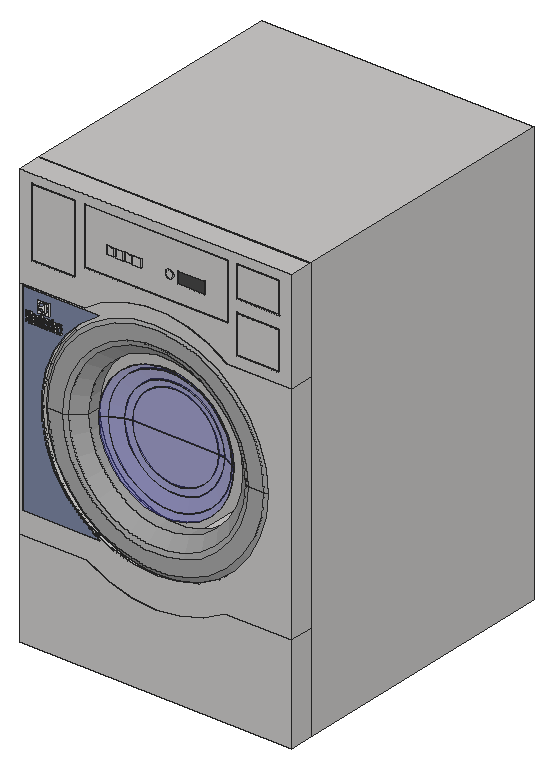
Revit family "QF_ELECTROLUXPROFESSIONAL_1LSNA3_TE1220E", category Specialty Equipment, Revit 2014
Parameters
  Width = 686 mm
  Height = 850 mm
  Depth = 822 mm
Reference planes
  plane 1 "Center (Front/Back)": y = 0
  plane 2: z = 0
  plane 3 "Center (Left/Right)": x = 0
  plane 4 "LEFT": x = -343
  plane 5 "RIGHT": x = 343
  plane 6 "BACK": y = 411
  plane 7 "FRONT": y = -411
  plane 8 "voidPanel": through (0, -279.09, 846.678) normal (0, -0.9308, 0.3656)
  plane 9 "TOP": z = 1098
  plane 10: y = -966
  plane 11 "GasX": x = 260.5
  plane 12 "GASz": z = 52.3
Forms (mm)
  Extrusion 1, solid, material "QF_Finishes_Stainless Steel"
    sketch origin (0, 0, 0) x (1, 0, 0) y (0, 1, 0)
      loop
        line (-343, 354) -> (-343, -351.316) -> (343, -351.316) -> (343, 354) -> (-343, 354)
    from 25 to 1098
  Extrusion 2, void
    sketch origin (0, -411, 110) x (0, 0, 1) y (-1, 0, 0)
      loop
        circle (470, 0) r 242.757
    from 0 to -726.106
  Revolve 3, solid, material "QF_Finishes_Gray"
    sketch origin (0, 0, 580) x (-1, 0, 0) y (0, -1, 0)
      loop
        line (300.448, 346.297) -> (300.448, 393.936) -> (272.916, 411) -> (235.246, 411) -> (223.534, 406.93) -> (195.25, 378.646) -> (195.25, 346.297) -> (300.448, 346.297)
      axis (0, 346.297) -> (0, 411)
    angle from 0 to 360
  Revolve 4, solid, material "Glass"
    sketch origin (0, 0, 580) x (-1, 0, 0) y (0, -1, 0)
      loop
        line (156.034, 365.621) -> (125.785, 351.316)
        arc (125.785, 351.316) -> (117.42, 348.976) -> (108.77, 348.187) r 47.824
        line (108.77, 348.187) -> (0, 348.187) -> (0, 346.187) -> (108.77, 346.187)
        arc (108.77, 346.187) -> (117.82, 347.016) -> (126.57, 349.475) r 49.824
        line (126.57, 349.475) -> (156.889, 363.813)
        arc (156.889, 363.813) -> (164.396, 368.582) -> (170.5, 375.051) r 35.892
        line (170.5, 375.051) -> (170.5, 378.646)
        arc (170.5, 378.646) -> (164.222, 371.072) -> (156.034, 365.621) r 33.892
      axis (0, 346.187) -> (0, 378.646)
    angle from 0 to 360
  Extrusion 5, void
    sketch origin (0, 0, 470) x (-1, 0, 0) y (0, -1, 0)
      loop
        line (333, -329) -> (333, 336.297) -> (-333, 336.297) -> (-333, -329) -> (333, -329)
    from -434.1 to 430
  Extrusion 6, solid, material "QF_Finishes_Rubber Black"
    sketch origin (25, 0, 0) x (1, 0, 0) y (0, 1, 0)
      loop
        circle (-308, 313.6) r 20
    from 0 to 10
  Extrusion 7, solid, material "QF_Finishes_Stainless Steel"
    sketch origin (25, 0, 0) x (1, 0, 0) y (0, 1, 0)
      loop
        circle (-308, 313.6) r 11
    from 10 to 25
  Extrusion 8, solid, material "QF_Finishes_Rubber Black"
    sketch origin (25, 0, 0) x (1, 0, 0) y (0, 1, 0)
      loop
        circle (-308, -309.8) r 20
    from 0 to 10
  Extrusion 9, solid, material "QF_Finishes_Stainless Steel"
    sketch origin (25, 0, 0) x (1, 0, 0) y (0, 1, 0)
      loop
        circle (-308, -309.8) r 11
    from 10 to 25
  Revolve 10, solid, material "QF_Door-Drawer Clearances", detail levels coarse
    sketch origin (0, -392.108, 110) x (-1, 0, 0) y (0, 0, 1)
      loop
        circle (-1.368, 470) r 285
      axis (287.524, 470) -> (287.524, 469)
    angle from 0 to 90
  Extrusion 11, solid, material "QF_Finishes_Rubber Black"
    sketch origin (-25, 0, 0) x (-1, 0, 0) y (0, -1, 0)
      loop
        circle (-308, -313.6) r 20
    from 0 to 10
  Extrusion 12, solid, material "QF_Finishes_Stainless Steel"
    sketch origin (-25, 0, 0) x (-1, 0, 0) y (0, -1, 0)
      loop
        circle (-308, -313.6) r 11
    from 10 to 25
  Extrusion 13, solid, material "QF_Finishes_Rubber Black"
    sketch origin (-25, 0, 0) x (-1, 0, 0) y (0, -1, 0)
      loop
        circle (-308, 309.8) r 20
    from 0 to 10
  Extrusion 14, solid, material "QF_Finishes_Stainless Steel"
    sketch origin (-25, 0, 0) x (-1, 0, 0) y (0, -1, 0)
      loop
        circle (-308, 309.8) r 11
    from 10 to 25
  Extrusion 15, solid, material "QF_Finishes_Stainless Steel"
    sketch origin (0, -411, 0) x (0, 0, 1) y (-1, 0, 0)
      loop
        line (25, 343) -> (25, -343) -> (270, -343) -> (270, -175)
        arc (270, -175) -> (219.436, 0) -> (270, 175) r 328.118
        line (270, 175) -> (270, 343) -> (25, 343)
    from 0 to -60
  Extrusion 16, solid, material "QF_Finishes_Stainless Steel"
    sketch origin (0, -411, 0) x (0, 0, 1) y (-1, 0, 0)
      loop
        line (840, -343) -> (1098, -343) -> (1098, 343) -> (840, 343) -> (840, 180)
        arc (840, 180) -> (900, 0) -> (840, -180) r 300
        line (840, -180) -> (840, -343)
    from 0 to -60
  Extrusion 17, solid, material "QF_Finishes_Stainless Steel"
    sketch origin (0, -411, 0) x (0, 0, 1) y (-1, 0, 0)
      loop
        line (840, 343) -> (270, 343) -> (270, 175)
        arc (270, 175) -> (219.436, 0) -> (270, -175) r 328.118
        line (270, -175) -> (270, -343) -> (840, -343) -> (840, -180)
        arc (840, -180) -> (900, 0) -> (840, 180) r 300
        line (840, 180) -> (840, 343)
      loop
        circle (580, 0) r 285
    from 0 to -60
  Extrusion 18, void
    sketch origin (0, -411, 0) x (0, 0, 1) y (-1, 0, 0)
      loop
        line (1076.011, 312.853) -> (900, 312.853) -> (900, 202.056) -> (1076.011, 202.056) -> (1076.011, 312.853)
      loop
        line (1076.011, 180.558) -> (931.011, 180.558) -> (931.011, -184.442) -> (1076.011, -184.442) -> (1076.011, 180.558)
      loop
        line (966.011, -204.442) -> (866.011, -204.442) -> (866.011, -314.442) -> (966.011, -314.442) -> (966.011, -204.442)
      loop
        line (996.011, -204.442) -> (996.011, -314.442) -> (1076.011, -314.442) -> (1076.011, -204.442) -> (996.011, -204.442)
    from 0 to -13.46
  Extrusion 19, solid, material "QF_Finishes_Stainless Steel"
    sketch origin (0, -411, 0) x (0, 0, 1) y (-1, 0, 0)
      loop
        line (1073.011, 205.056) -> (1073.011, 309.853) -> (903, 309.853) -> (903, 205.056) -> (1073.011, 205.056)
      loop
        line (934.011, 177.558) -> (934.011, -181.442) -> (1073.011, -181.442) -> (1073.011, 177.558) -> (934.011, 177.558)
      loop
        line (1073.011, -311.442) -> (1073.011, -207.442) -> (999.011, -207.442) -> (999.011, -311.442) -> (1073.011, -311.442)
      loop
        line (963.011, -311.442) -> (963.011, -207.442) -> (869.011, -207.442) -> (869.011, -311.442) -> (963.011, -311.442)
      loop
        line (982.148, 123.504) -> (982.148, 103.504) -> (1002.148, 103.504) -> (1002.148, 123.504) -> (982.148, 123.504)
      loop
        line (1002.148, 100.812) -> (982.148, 100.812) -> (982.148, 80.808) -> (1002.148, 80.808) -> (1002.148, 100.812)
      loop
        line (1002.148, 78.12) -> (982.148, 78.12) -> (982.148, 58.116) -> (1002.148, 58.116) -> (1002.148, 78.12)
      loop
        line (1002.148, 55.428) -> (982.148, 55.428) -> (982.148, 35.424) -> (1002.148, 35.424) -> (1002.148, 55.428)
      loop
        circle (992.148, -34.859) r 10
      loop
        line (977.148, -124.859) -> (1007.148, -124.859) -> (1007.148, -54.859) -> (977.148, -54.859) -> (977.148, -124.859)
    from 0.5 to -13.46
  Extrusion 20, solid, material "QF_Finishes_Stainless Steel"
    sketch origin (0, -411, 0) x (0, 0, 1) y (-1, 0, 0)
      loop
        line (1002.148, 123.504) -> (982.148, 123.504) -> (982.148, 103.504) -> (1002.148, 103.504) -> (1002.148, 123.504)
      loop
        line (1002.148, 100.812) -> (982.148, 100.812) -> (982.148, 80.808) -> (1002.148, 80.808) -> (1002.148, 100.812)
      loop
        line (1002.148, 78.12) -> (982.148, 78.12) -> (982.148, 58.116) -> (1002.148, 58.116) -> (1002.148, 78.12)
      loop
        line (1002.148, 55.428) -> (982.148, 55.428) -> (982.148, 35.424) -> (1002.148, 35.424) -> (1002.148, 55.428)
    from 2 to -13.46
  Extrusion 21, solid, material "QF_Finishes_Stainless Steel"
    sketch origin (0, -411, 0) x (0, 0, 1) y (-1, 0, 0)
      loop
        circle (992.148, -34.859) r 10
    from 1 to -13.46
  Extrusion 22, solid, material "QF_Finishes_Black"
    sketch origin (0, -411, 0) x (0, 0, 1) y (-1, 0, 0)
      loop
        line (1007.148, -54.859) -> (977.148, -54.859) -> (977.148, -124.859) -> (1007.148, -124.859) -> (1007.148, -54.859)
    from 0 to -13.46
  Extrusion 23, solid, material "QF_Finishes_Stainless Steel"
    sketch origin (2.1, 411, -6.2) x (0, 0, 1) y (-1, 0, 0)
      loop
        circle (91, -25) r 51
    from 50.43 to 57
  Blend 24, solid, material "QF_Finishes_Stainless Steel"
    base sketch origin (0, 411, 0) x (0, 0, 1) y (-1, 0, 0)
      loop
        line (112.093, -134.606) -> (112.093, -219.975)
        arc (112.093, -219.975) -> (136.989, -280.08) -> (197.093, -304.975) r 85
        line (197.093, -304.975) -> (735.296, -304.975) -> (764.372, -304.975) -> (800, -304.975)
        arc (800, -304.975) -> (860.104, -280.08) -> (885, -219.975) r 85
        line (885, -219.975) -> (885, 223.558)
        arc (885, 223.558) -> (860.104, 283.663) -> (800, 308.558) r 85
        line (800, 308.558) -> (764.372, 308.558) -> (736.45, 308.558) -> (330, 308.558)
        arc (330, 308.558) -> (287.574, 290.985) -> (270, 248.558) r 60
        line (270, 248.558) -> (270, 113.511)
        arc (270, 113.511) -> (265.698, 88.475) -> (253.286, 66.312) r 75
        line (253.286, 66.312) -> (128.807, -87.407)
        arc (128.807, -87.407) -> (116.395, -109.571) -> (112.093, -134.606) r 75
    top sketch origin (0, 411, 0) x (0, 0, 1) y (-1, 0, 0)
      loop
        line (736.45, 258.558) -> (330, 258.558)
        arc (330, 258.558) -> (322.929, 255.63) -> (320, 248.558) r 10
        line (320, 248.558) -> (320, 95.805)
        arc (320, 95.805) -> (315.698, 70.769) -> (303.286, 48.606) r 75
        line (303.286, 48.606) -> (178.807, -105.113)
        arc (178.807, -105.113) -> (166.395, -127.277) -> (162.093, -152.312) r 75
        line (162.093, -152.312) -> (162.093, -219.975)
        arc (162.093, -219.975) -> (172.344, -244.724) -> (197.093, -254.975) r 35
        line (197.093, -254.975) -> (735.296, -254.975)
        arc (735.296, -254.975) -> (745.955, -271.27) -> (764.372, -277.589) r 30
        line (764.372, -277.589) -> (819.372, -277.589)
        arc (819.372, -277.589) -> (840.585, -268.802) -> (849.372, -247.589) r 30
        line (849.372, -247.589) -> (849.372, 247.589)
        arc (849.372, 247.589) -> (840.585, 268.802) -> (819.372, 277.589) r 30
        line (819.372, 277.589) -> (764.372, 277.589)
        arc (764.372, 277.589) -> (747.477, 272.379) -> (736.45, 258.558) r 30
    from 57 to 0
  Extrusion 25, void
    sketch origin (0, 411, 0) x (0, 0, 1) y (-1, 0, 0)
      loop
        line (839.372, -242.589) -> (839.372, 246.505)
        arc (839.372, 246.505) -> (833.514, 260.647) -> (819.372, 266.505) r 20
        line (819.372, 266.505) -> (760.142, 266.505)
        arc (760.142, 266.505) -> (746, 260.647) -> (740.142, 246.505) r 20
        line (740.142, 246.505) -> (740.142, -248.744)
        arc (740.142, -248.744) -> (749.024, -262.323) -> (764.372, -267.589) r 25
        line (764.372, -267.589) -> (814.372, -267.589)
        arc (814.372, -267.589) -> (832.05, -260.266) -> (839.372, -242.589) r 25
    from 0 to 8.2
  Extrusion 26, solid, material "QF_Finishes_Stainless Steel"
    sketch origin (0, 411, 0) x (0, 0, 1) y (-1, 0, 0)
      loop
        circle (810, 209.295) r 5
    from 0 to 8.186
  Extrusion 27, solid, material "QF_Finishes_White"
    sketch origin (-20, -411, 75) x (0, 0, 1) y (-1, 0, 0)
      loop
        spline (696.669, 303.458) -> (696.678, 303.666) -> (696.706, 303.887) -> (696.758, 304.116) -> (696.837, 304.347) -> (696.945, 304.574) -> (697.088, 304.79) -> (697.268, 304.989) -> (697.488, 305.166) -> (697.753, 305.314) -> (698.065, 305.428) -> (698.428, 305.5) -> (698.845, 305.526)
        line (698.845, 305.526) -> (700.697, 305.526) -> (700.697, 299.411) -> (703.059, 299.411) -> (703.059, 305.527) -> (706.497, 305.527) -> (706.497, 299.022) -> (708.852, 299.022) -> (708.852, 308.029) -> (698.952, 308.029)
        spline (698.952, 308.029) -> (698.343, 308.007) -> (697.77, 307.939) -> (697.233, 307.824) -> (696.734, 307.66) -> (696.277, 307.447) -> (695.863, 307.184) -> (695.493, 306.868) -> (695.17, 306.498) -> (694.896, 306.074) -> (694.673, 305.594) -> (694.502, 305.057) -> (694.386, 304.461)
        line (694.386, 304.461) -> (694.316, 303.478) -> (694.316, 298.848) -> (696.669, 298.848) -> (696.669, 303.458)
      loop
        line (701.983, 297.069) -> (694.312, 297.069) -> (694.312, 294.566) -> (708.856, 294.566) -> (708.856, 297.069) -> (701.983, 297.069)
      loop
        spline (699.838, 282.168) -> (700.563, 282.21) -> (701.258, 282.336) -> (701.916, 282.541) -> (702.532, 282.822) -> (703.097, 283.176) -> (703.608, 283.598) -> (704.057, 284.086) -> (704.438, 284.636) -> (704.745, 285.245) -> (704.972, 285.908) -> (705.113, 286.623) -> (705.162, 287.387)
        spline (705.162, 287.387) -> (705.116, 288.166) -> (704.983, 288.907) -> (704.765, 289.603) -> (704.465, 290.249) -> (704.088, 290.84) -> (703.636, 291.37) -> (703.112, 291.834) -> (702.521, 292.225) -> (701.865, 292.539) -> (701.148, 292.77) -> (700.373, 292.913) -> (699.544, 292.962)
        spline (699.544, 292.962) -> (698.735, 292.915) -> (697.979, 292.776) -> (697.278, 292.55) -> (696.637, 292.242) -> (696.059, 291.855) -> (695.547, 291.394) -> (695.105, 290.864) -> (694.735, 290.268) -> (694.442, 289.612) -> (694.228, 288.9) -> (694.097, 288.135) -> (694.053, 287.323)
        spline (694.053, 287.323) -> (694.063, 286.928) -> (694.092, 286.536) -> (694.144, 286.149) -> (694.221, 285.766) -> (694.323, 285.389) -> (694.454, 285.016) -> (694.615, 284.647) -> (694.808, 284.284) -> (695.035, 283.925) -> (695.297, 283.572) -> (695.598, 283.224) -> (695.939, 282.88)
        line (695.939, 282.88) -> (697.407, 284.389)
        spline (697.407, 284.389) -> (697.215, 284.588) -> (697.04, 284.788) -> (696.881, 284.991) -> (696.738, 285.198) -> (696.611, 285.412) -> (696.5, 285.634) -> (696.406, 285.866) -> (696.329, 286.109) -> (696.269, 286.367) -> (696.226, 286.64) -> (696.2, 286.93) -> (696.191, 287.24)
        spline (696.191, 287.24) -> (696.213, 287.693) -> (696.279, 288.118) -> (696.388, 288.513) -> (696.536, 288.876) -> (696.722, 289.206) -> (696.946, 289.501) -> (697.204, 289.758) -> (697.495, 289.977) -> (697.818, 290.155) -> (698.171, 290.29) -> (698.551, 290.381) -> (698.958, 290.425)
        line (698.958, 290.425) -> (698.958, 282.21) -> (699.838, 282.168)
      loop
        spline (700.718, 284.725) -> (701.028, 284.749) -> (701.326, 284.82) -> (701.609, 284.934) -> (701.875, 285.089) -> (702.12, 285.28) -> (702.342, 285.505) -> (702.538, 285.761) -> (702.705, 286.044) -> (702.84, 286.352) -> (702.94, 286.68) -> (703.002, 287.026) -> (703.024, 287.387)
        spline (703.024, 287.387) -> (703.003, 287.773) -> (702.942, 288.145) -> (702.843, 288.5) -> (702.71, 288.833) -> (702.545, 289.143) -> (702.35, 289.425) -> (702.129, 289.676) -> (701.884, 289.894) -> (701.618, 290.074) -> (701.333, 290.215) -> (701.032, 290.312) -> (700.718, 290.363)
        line (700.718, 290.363) -> (700.718, 284.725)
      loop
        spline (699.607, 278.381) -> (700.073, 278.352) -> (700.515, 278.268) -> (700.929, 278.133) -> (701.313, 277.949) -> (701.664, 277.719) -> (701.978, 277.448) -> (702.253, 277.139) -> (702.484, 276.794) -> (702.67, 276.418) -> (702.806, 276.013) -> (702.89, 275.584) -> (702.919, 275.132)
        spline (702.919, 275.132) -> (702.91, 274.855) -> (702.884, 274.59) -> (702.842, 274.336) -> (702.783, 274.092) -> (702.708, 273.858) -> (702.618, 273.634) -> (702.512, 273.418) -> (702.391, 273.21) -> (702.256, 273.01) -> (702.106, 272.817) -> (701.943, 272.63) -> (701.766, 272.45)
        line (701.766, 272.45) -> (703.38, 270.898)
        spline (703.38, 270.898) -> (703.689, 271.207) -> (703.966, 271.525) -> (704.213, 271.852) -> (704.43, 272.187) -> (704.619, 272.531) -> (704.779, 272.882) -> (704.912, 273.24) -> (705.02, 273.606) -> (705.101, 273.978) -> (705.159, 274.357) -> (705.192, 274.742) -> (705.203, 275.132)
        spline (705.203, 275.132) -> (705.155, 275.914) -> (705.013, 276.664) -> (704.783, 277.374) -> (704.47, 278.037) -> (704.079, 278.647) -> (703.616, 279.198) -> (703.085, 279.683) -> (702.493, 280.094) -> (701.843, 280.426) -> (701.143, 280.671) -> (700.396, 280.823) -> (699.607, 280.875)
        spline (699.607, 280.875) -> (698.819, 280.823) -> (698.072, 280.671) -> (697.371, 280.426) -> (696.722, 280.094) -> (696.129, 279.683) -> (695.599, 279.198) -> (695.135, 278.647) -> (694.745, 278.037) -> (694.432, 277.374) -> (694.201, 276.664) -> (694.06, 275.914) -> (694.011, 275.132)
        spline (694.011, 275.132) -> (694.022, 274.742) -> (694.056, 274.357) -> (694.113, 273.978) -> (694.195, 273.606) -> (694.302, 273.24) -> (694.436, 272.882) -> (694.596, 272.531) -> (694.784, 272.187) -> (695.002, 271.852) -> (695.248, 271.525) -> (695.526, 271.207) -> (695.835, 270.898)
        line (695.835, 270.898) -> (697.449, 272.45)
        spline (697.449, 272.45) -> (697.272, 272.63) -> (697.108, 272.817) -> (696.959, 273.01) -> (696.824, 273.21) -> (696.703, 273.418) -> (696.597, 273.634) -> (696.507, 273.858) -> (696.432, 274.092) -> (696.373, 274.336) -> (696.33, 274.59) -> (696.304, 274.855) -> (696.296, 275.132)
        spline (696.296, 275.132) -> (696.325, 275.584) -> (696.409, 276.013) -> (696.545, 276.418) -> (696.731, 276.794) -> (696.962, 277.139) -> (697.236, 277.448) -> (697.55, 277.719) -> (697.901, 277.949) -> (698.285, 278.133) -> (698.7, 278.268) -> (699.142, 278.352) -> (699.607, 278.381)
      loop
        spline (696.665, 264.515) -> (696.662, 264.736) -> (696.678, 264.972) -> (696.719, 265.218) -> (696.789, 265.468) -> (696.89, 265.715) -> (697.028, 265.952) -> (697.206, 266.175) -> (697.429, 266.376) -> (697.7, 266.549) -> (698.024, 266.688) -> (698.404, 266.787) -> (698.845, 266.839)
        line (698.845, 266.839) -> (702.555, 266.839) -> (702.555, 264.562) -> (704.829, 264.562) -> (704.829, 266.836) -> (708.856, 266.836) -> (708.856, 269.34) -> (698.703, 269.34)
        spline (698.703, 269.34) -> (698.114, 269.286) -> (697.56, 269.189) -> (697.042, 269.048) -> (696.564, 268.861) -> (696.127, 268.627) -> (695.732, 268.345) -> (695.381, 268.014) -> (695.077, 267.632) -> (694.821, 267.2) -> (694.615, 266.714) -> (694.461, 266.175) -> (694.36, 265.581)
        line (694.36, 265.581) -> (694.312, 264.524) -> (696.665, 264.515)
      loop
        spline (704.975, 256.091) -> (705.002, 256.524) -> (704.994, 256.941) -> (704.953, 257.341) -> (704.88, 257.722) -> (704.776, 258.084) -> (704.641, 258.425) -> (704.478, 258.744) -> (704.286, 259.04) -> (704.068, 259.312) -> (703.825, 259.559) -> (703.557, 259.779) -> (703.265, 259.972)
        line (703.265, 259.972) -> (704.829, 259.972) -> (704.829, 262.455) -> (694.313, 262.455) -> (694.313, 259.972) -> (699.842, 259.972)
        spline (699.842, 259.972) -> (700.261, 259.949) -> (700.652, 259.882) -> (701.013, 259.772) -> (701.342, 259.621) -> (701.638, 259.431) -> (701.9, 259.202) -> (702.126, 258.938) -> (702.314, 258.64) -> (702.462, 258.308) -> (702.571, 257.946) -> (702.637, 257.554) -> (702.659, 257.134)
        line (702.659, 257.134) -> (702.555, 256.091) -> (704.975, 256.091)
      loop
        spline (699.57, 244.231) -> (700.342, 244.283) -> (701.077, 244.436) -> (701.77, 244.682) -> (702.415, 245.014) -> (703.007, 245.426) -> (703.538, 245.911) -> (704.003, 246.462) -> (704.398, 247.072) -> (704.714, 247.735) -> (704.948, 248.443) -> (705.092, 249.19) -> (705.142, 249.969)
        spline (705.142, 249.969) -> (705.092, 250.752) -> (704.948, 251.503) -> (704.714, 252.213) -> (704.398, 252.876) -> (704.003, 253.486) -> (703.538, 254.036) -> (703.007, 254.519) -> (702.415, 254.929) -> (701.77, 255.26) -> (701.077, 255.504) -> (700.342, 255.656) -> (699.57, 255.708)
        spline (699.57, 255.708) -> (698.799, 255.656) -> (698.064, 255.504) -> (697.371, 255.26) -> (696.726, 254.929) -> (696.135, 254.519) -> (695.604, 254.036) -> (695.138, 253.486) -> (694.744, 252.876) -> (694.427, 252.213) -> (694.193, 251.503) -> (694.049, 250.752) -> (693.999, 249.969)
        spline (693.999, 249.969) -> (694.049, 249.19) -> (694.193, 248.443) -> (694.427, 247.735) -> (694.744, 247.072) -> (695.138, 246.462) -> (695.604, 245.911) -> (696.135, 245.426) -> (696.726, 245.014) -> (697.371, 244.682) -> (698.064, 244.436) -> (698.799, 244.283) -> (699.57, 244.231)
      loop
        spline (699.57, 246.714) -> (700.026, 246.743) -> (700.46, 246.828) -> (700.869, 246.965) -> (701.251, 247.15) -> (701.601, 247.381) -> (701.916, 247.653) -> (702.192, 247.964) -> (702.426, 248.309) -> (702.614, 248.686) -> (702.752, 249.09) -> (702.838, 249.519) -> (702.868, 249.969)
        spline (702.868, 249.969) -> (702.838, 250.423) -> (702.752, 250.855) -> (702.614, 251.261) -> (702.426, 251.638) -> (702.192, 251.983) -> (701.916, 252.293) -> (701.601, 252.563) -> (701.251, 252.792) -> (700.869, 252.976) -> (700.46, 253.111) -> (700.026, 253.195) -> (699.57, 253.223)
        spline (699.57, 253.223) -> (699.116, 253.195) -> (698.682, 253.111) -> (698.272, 252.976) -> (697.89, 252.792) -> (697.54, 252.563) -> (697.226, 252.293) -> (696.95, 251.983) -> (696.716, 251.638) -> (696.528, 251.261) -> (696.389, 250.855) -> (696.303, 250.423) -> (696.273, 249.969)
        spline (696.273, 249.969) -> (696.303, 249.519) -> (696.389, 249.09) -> (696.528, 248.686) -> (696.716, 248.309) -> (696.95, 247.964) -> (697.226, 247.653) -> (697.54, 247.381) -> (697.89, 247.15) -> (698.272, 246.965) -> (698.682, 246.828) -> (699.116, 246.743) -> (699.57, 246.714)
      loop
        line (702.234, 242.691) -> (694.312, 242.691) -> (694.312, 240.186) -> (708.856, 240.186) -> (708.856, 242.691) -> (702.234, 242.691)
      loop
        line (704.829, 231.156) -> (698.716, 231.156)
        spline (698.716, 231.156) -> (698.318, 231.176) -> (697.96, 231.235) -> (697.64, 231.33) -> (697.357, 231.459) -> (697.111, 231.62) -> (696.9, 231.811) -> (696.724, 232.029) -> (696.582, 232.272) -> (696.473, 232.538) -> (696.397, 232.825) -> (696.351, 233.13) -> (696.336, 233.452)
        spline (696.336, 233.452) -> (696.351, 233.773) -> (696.397, 234.078) -> (696.473, 234.365) -> (696.581, 234.631) -> (696.723, 234.874) -> (696.897, 235.092) -> (697.106, 235.283) -> (697.351, 235.444) -> (697.631, 235.573) -> (697.947, 235.668) -> (698.301, 235.726) -> (698.694, 235.747)
        line (698.694, 235.747) -> (704.829, 235.747) -> (704.829, 238.272) -> (698.485, 238.272)
        spline (698.485, 238.272) -> (697.767, 238.227) -> (697.113, 238.097) -> (696.523, 237.888) -> (695.998, 237.607) -> (695.535, 237.259) -> (695.136, 236.85) -> (694.8, 236.387) -> (694.525, 235.876) -> (694.313, 235.323) -> (694.161, 234.733) -> (694.071, 234.115) -> (694.041, 233.472)
        spline (694.041, 233.472) -> (694.071, 232.825) -> (694.163, 232.201) -> (694.317, 231.607) -> (694.532, 231.049) -> (694.811, 230.533) -> (695.152, 230.066) -> (695.557, 229.654) -> (696.025, 229.303) -> (696.558, 229.019) -> (697.156, 228.808) -> (697.819, 228.677) -> (698.548, 228.632)
        line (698.548, 228.632) -> (704.829, 228.632) -> (704.829, 231.156)
      loop
        line (697.676, 219.158) -> (699.883, 220.737) -> (702.547, 218.782) -> (704.829, 217.107) -> (704.829, 219.84) -> (701.678, 222.115) -> (704.829, 224.41) -> (704.829, 227.123) -> (702.701, 225.567) -> (699.863, 223.492) -> (696.834, 225.667) -> (694.312, 227.477) -> (694.312, 224.786) -> (698.027, 222.115) -> (694.312, 219.444) -> (694.312, 216.752) -> (697.676, 219.158)
      loop
        line (688.447, 306.621) -> (688.447, 308.558) -> (683.42, 308.558) -> (683.42, 307.525) -> (685.123, 307.525) -> (685.123, 306.621)
        arc (685.123, 306.621) -> (686.785, 304.959) -> (688.447, 306.621) r 1.662
      loop
        line (687.497, 306.663) -> (687.497, 307.525) -> (686.073, 307.525) -> (686.073, 306.663)
        arc (686.073, 306.663) -> (686.785, 305.951) -> (687.497, 306.663) r 0.712
      loop
        line (688.447, 298.733) -> (688.447, 300.705) -> (683.42, 300.705) -> (683.42, 299.671) -> (684.882, 299.671) -> (685.151, 298.932) -> (683.42, 297.891) -> (683.42, 296.718) -> (685.405, 297.925)
        arc (685.405, 297.925) -> (685.993, 297.294) -> (686.826, 297.074) r 1.552
        arc (686.826, 297.074) -> (687.975, 297.573) -> (688.447, 298.733) r 1.659
      loop
        arc (686.094, 298.824) -> (686.762, 298.121) -> (687.497, 298.754) r 0.703
        line (687.497, 298.754) -> (687.497, 299.671) -> (686.094, 299.671) -> (686.094, 298.824)
      loop
        circle (685.933, 290.3) r 2.611
      loop
        circle (685.933, 290.3) r 1.657
      loop
        line (688.447, 283.364) -> (683.42, 283.364) -> (683.42, 282.331) -> (685.486, 282.331) -> (685.486, 280.439) -> (686.436, 280.439) -> (686.436, 282.331) -> (687.497, 282.331) -> (687.497, 280.257) -> (688.447, 280.257) -> (688.447, 283.364)
      loop
        line (688.447, 275.992) -> (685.05, 275.992)
        arc (685.05, 275.992) -> (683.898, 275.529) -> (683.42, 274.383) r 1.609
        line (683.42, 274.383) -> (683.42, 272.76) -> (684.37, 272.76) -> (684.37, 274.225) -> (684.759, 274.959) -> (685.606, 274.959) -> (685.606, 272.948) -> (686.506, 272.948) -> (686.506, 274.959) -> (687.497, 274.959) -> (687.497, 272.809) -> (688.447, 272.809) -> (688.447, 275.992)
      loop
        line (687.128, 265.998) -> (687.638, 265.255)
        arc (687.638, 265.255) -> (688.309, 265.943) -> (688.531, 266.879) r 1.8
        arc (688.531, 266.879) -> (688.406, 267.502) -> (688.091, 268.053) r 1.995
        arc (688.091, 268.053) -> (687.777, 268.314) -> (687.386, 268.431) r 1.023
        arc (687.386, 268.431) -> (686.928, 268.42) -> (686.485, 268.305) r 2.005
        arc (686.485, 268.305) -> (686.001, 267.857) -> (685.694, 267.273) r 1.948
        arc (685.694, 267.273) -> (685.475, 266.734) -> (685.196, 266.223) r 5.092
        arc (685.196, 266.223) -> (684.861, 266.023) -> (684.505, 266.181) r 0.425
        arc (684.505, 266.181) -> (684.282, 266.728) -> (684.398, 267.306) r 1.026
        arc (684.398, 267.306) -> (684.643, 267.732) -> (685.054, 267.998) r 1.044
        line (685.054, 267.998) -> (684.559, 268.788)
        arc (684.559, 268.788) -> (684.042, 268.475) -> (683.647, 268.018) r 1.934
        arc (683.647, 268.018) -> (683.399, 267.438) -> (683.336, 266.811) r 2.085
        arc (683.336, 266.811) -> (683.491, 266.036) -> (683.861, 265.338) r 2.723
        arc (683.861, 265.338) -> (684.682, 265.03) -> (685.543, 265.189) r 1.635
        arc (685.543, 265.189) -> (685.94, 265.533) -> (686.227, 265.973) r 1.896
        arc (686.227, 265.973) -> (686.475, 266.529) -> (686.689, 267.099) r 9.984
        arc (686.689, 267.099) -> (687.202, 267.429) -> (687.582, 266.952) r 0.455
        arc (687.582, 266.952) -> (687.465, 266.423) -> (687.128, 265.998) r 1.209
      loop
        line (687.128, 258.403) -> (687.638, 257.66)
        arc (687.638, 257.66) -> (688.309, 258.348) -> (688.531, 259.284) r 1.8
        arc (688.531, 259.284) -> (688.406, 259.907) -> (688.091, 260.458) r 1.995
        arc (688.091, 260.458) -> (687.777, 260.719) -> (687.386, 260.836) r 1.023
        arc (687.386, 260.836) -> (686.928, 260.825) -> (686.485, 260.71) r 2.005
        arc (686.485, 260.71) -> (686.001, 260.262) -> (685.694, 259.678) r 1.948
        arc (685.694, 259.678) -> (685.475, 259.139) -> (685.196, 258.628) r 5.092
        arc (685.196, 258.628) -> (684.861, 258.428) -> (684.505, 258.586) r 0.425
        arc (684.505, 258.586) -> (684.282, 259.133) -> (684.398, 259.711) r 1.026
        arc (684.398, 259.711) -> (684.643, 260.136) -> (685.054, 260.403) r 1.044
        line (685.054, 260.403) -> (684.559, 261.193)
        arc (684.559, 261.193) -> (684.042, 260.88) -> (683.647, 260.422) r 1.934
        arc (683.647, 260.422) -> (683.399, 259.843) -> (683.336, 259.216) r 2.085
        arc (683.336, 259.216) -> (683.491, 258.441) -> (683.861, 257.743) r 2.723
        arc (683.861, 257.743) -> (684.682, 257.434) -> (685.543, 257.594) r 1.635
        arc (685.543, 257.594) -> (685.94, 257.938) -> (686.227, 258.377) r 1.896
        arc (686.227, 258.377) -> (686.475, 258.934) -> (686.689, 259.504) r 9.984
        arc (686.689, 259.504) -> (687.202, 259.834) -> (687.582, 259.357) r 0.455
        arc (687.582, 259.357) -> (687.465, 258.828) -> (687.128, 258.403) r 1.209
      loop
        line (688.447, 253.158) -> (683.42, 253.158) -> (683.42, 252.124) -> (688.447, 252.124) -> (688.447, 253.158)
      loop
        circle (685.933, 245.154) r 1.564
      loop
        circle (685.933, 245.154) r 2.611
      loop
        line (683.42, 238.219) -> (683.42, 237.174) -> (686.581, 237.174) -> (683.42, 234.874) -> (683.42, 233.869) -> (688.447, 233.869) -> (688.447, 234.914) -> (685.19, 234.914) -> (688.447, 237.213) -> (688.447, 238.219) -> (683.42, 238.219)
      loop
        line (683.42, 228.657) -> (684.504, 228.167) -> (684.504, 226.308) -> (683.42, 225.818) -> (683.42, 224.707) -> (688.447, 227.237) -> (683.42, 229.767) -> (683.42, 228.657)
      loop
        line (686.567, 227.237) -> (685.536, 227.703) -> (685.536, 226.772) -> (686.567, 227.237)
      loop
        line (684.37, 219.572) -> (688.447, 219.572) -> (688.447, 220.606) -> (683.42, 220.606) -> (683.42, 217.639) -> (684.37, 217.639) -> (684.37, 219.572)
      loop
        arc (715.169, 259.508) -> (727.748, 250.208) -> (740.328, 259.508) r 13.158
        line (740.328, 259.508) -> (715.169, 259.508)
      loop
        line (715.169, 260.788) -> (716.991, 260.788)
        arc (716.991, 260.788) -> (724.001, 264.694) -> (727.019, 272.13) r 12.086
        line (727.019, 272.13) -> (727.019, 276.292)
        arc (727.019, 276.292) -> (717.547, 271.251) -> (715.169, 260.788) r 12.895
      loop
        line (738.506, 260.788) -> (740.651, 260.788)
        arc (740.651, 260.788) -> (738.028, 271.26) -> (728.478, 276.292) r 13.232
        line (728.478, 276.292) -> (728.478, 272.13)
        arc (728.478, 272.13) -> (731.496, 264.694) -> (738.506, 260.788) r 12.086
      loop
        line (713.796, 277.247) -> (713.796, 249.247) -> (741.758, 249.247) -> (741.758, 277.247) -> (713.796, 277.247)
    from 0 to 2
  Extrusion 28, void
    sketch origin (0, -411, 0) x (0, 0, 1) y (-1, 0, 0)
      loop
        line (834, 337) -> (326, 337) -> (326, 142.004)
        arc (326, 142.004) -> (580, 291) -> (834, 142.004) r 291
        line (834, 142.004) -> (834, 337)
    from 0 to -2
  Extrusion 29, solid, material "QF_Finishes_SugarBlue"
    sketch origin (0, -411, 0) x (0, 0, 1) y (-1, 0, 0)
      loop
        line (834, 142.004) -> (834, 337) -> (326, 337) -> (326, 142.004)
        arc (326, 142.004) -> (580, 291) -> (834, 142.004) r 291
    from 0 to -2
Cuts and joins
  Extrusion 2, Extrusion 5 cuts Extrusion 1
  Extrusion 18 cuts Extrusion 16
  Extrusion 25 cuts Blend 24
  Extrusion 28 cuts Extrusion 17
Lines and regions (mm)
  model lines
    curve 1: line (253.366, -313.716, 0) -> (253.669, -317.455, 0)
  symbolic lines, style "SpecialityEquipmentHiddenLines"
    curve 2: line (-287.524, -966, 744.475) -> (-287.524, -411, 744.475)
    curve 4: arc (-287.524, -966, 744.475) -> (112.051, -805.22, 744.475) -> (286.678, -411.5, 744.475) r 572.871
  symbolic lines
    curve 3: line (-25, 411, 84.8) -> (75, 411, 84.8)
    curve 5: line (-343, 354, 744.475) -> (343, 354, 744.475)
    curve 6: line (-343, -351, 744.475) -> (-343, 354, 744.475)
    curve 7: line (343, -351, 744.475) -> (-343, -351, 744.475)
    curve 8: line (343, 354, 744.475) -> (343, -351, 744.475)
    curve 9: line (-343, -351, 744.475) -> (-343, -411, 744.475)
    curve 10: line (-343, -411, 744.475) -> (343, -411, 744.475)
    curve 11: line (343, -411, 744.475) -> (343, -351, 744.475)
    curve 12: line (-308.558, 354, 744.475) -> (-277.589, 411, 744.475)
    curve 13: line (-277.589, 411, 744.475) -> (277.589, 411, 744.475)
    curve 14: line (277.589, 411, 744.475) -> (304.975, 354, 744.475)
Dimensions and locks
  equal spacing: plane 5 "RIGHT", plane 3 "Center (Left/Right)", plane 4 "LEFT"
  "Width": plane 5 "RIGHT" to plane 4 "LEFT"
  equal spacing: plane 7 "FRONT", plane 1 "Center (Front/Back)", plane 6 "BACK"
  "Depth": plane 7 "FRONT" to plane 6 "BACK"
  plane 7 "FRONT" to plane 6 "BACK" = 822 mm
  plane 9 "TOP" to level = 1098 mm
  plane 7 "FRONT" to plane 1 "Center (Front/Back)" to plane 6 "BACK" = 411 mm, 411 mm
  plane 4 "LEFT" to plane 5 "RIGHT" = 686 mm
  cut or joined group of Extrusion 1, Extrusion 2, Extrusion 5 to cut or joined group of Extrusion 16, Extrusion 18 = 765 mm
  plane 7 "FRONT" to plane 10 = 555 mm
  level to curve 3 = 84.8 mm
  plane 10 to plane 7 "FRONT" = 555 mm
  plane 10 to plane 6 "BACK" = 1377 mm
  plane 5 "RIGHT" to plane 11 "GasX" = 82.5 mm
  level to plane 12 "GASz" = 52.3 mm
  plane 5 "RIGHT" to Extrusion 23 = 315.9 mm
  aligned and locked: level to plane 2
Automatic sketch dimensions
  Extrusion 1 sketch curve to plane 4 "LEFT" = 0 mm
  Extrusion 1 sketch curve to plane 5 "RIGHT" = 0 mm
  Extrusion 1 sketch curve to plane 7 "FRONT" = 59.684 mm
  plane 6 "BACK" to Extrusion 1 sketch curve = 57 mm
  Extrusion 2 sketch curve to plane 3 "Center (Left/Right)" = 0 mm
  level to Extrusion 2 sketch curve = 580 mm
  Revolve 4 sketch curve to Revolve 4 sketch curve = 0 mm  (x4)
  Revolve 4 sketch curve to plane 3 "Center (Left/Right)" = 0 mm  (x2)
  Revolve 4 sketch curve to Revolve 4 sketch curve = 108.77 mm
  Revolve 4 sketch curve to Revolve 4 sketch curve = 17.015 mm
  Revolve 4 sketch curve to plane 7 "FRONT" = 61.525 mm
  Revolve 4 sketch curve to Revolve 4 sketch curve = 0.785 mm
  Revolve 4 sketch curve to plane 7 "FRONT" = 14.74 mm
  Revolve 4 sketch curve to Revolve 4 sketch curve = 32.775 mm
  Revolve 4 sketch curve to plane 7 "FRONT" = 45.379 mm
  Revolve 4 sketch curve to Revolve 4 sketch curve = 30.249 mm
  Revolve 4 sketch curve to plane 7 "FRONT" = 47.187 mm
  Revolve 4 sketch curve to Revolve 4 sketch curve = 0.855 mm
  Revolve 4 sketch curve to Revolve 4 sketch curve = 14.466 mm
  Revolve 4 sketch curve to plane 7 "FRONT" = 62.813 mm
  Revolve 4 sketch curve to Revolve 4 sketch curve = 2 mm
  Revolve 4 sketch curve to plane 6 "BACK" = 1134.072 mm
  plane 7 "FRONT" to Revolve 4 sketch curve = 1124.917 mm
  Extrusion 5 sketch curve to plane 5 "RIGHT" = 10 mm
  plane 4 "LEFT" to Extrusion 5 sketch curve = 10 mm
  plane 6 "BACK" to Extrusion 5 sketch curve = 82 mm
  Extrusion 5 sketch curve to plane 7 "FRONT" = 74.703 mm
  plane 4 "LEFT" to Extrusion 6 sketch curve = 60 mm
  plane 6 "BACK" to Extrusion 6 sketch curve = 97.4 mm
  plane 4 "LEFT" to Extrusion 7 sketch curve = 60 mm
  plane 6 "BACK" to Extrusion 7 sketch curve = 97.4 mm
  plane 4 "LEFT" to Extrusion 8 sketch curve = 60 mm
  Extrusion 8 sketch curve to plane 7 "FRONT" = 101.2 mm
  plane 4 "LEFT" to Extrusion 9 sketch curve = 60 mm
  Extrusion 9 sketch curve to plane 7 "FRONT" = 101.2 mm
  plane 3 "Center (Left/Right)" to Revolve 10 sketch curve = 1.368 mm
  level to Revolve 10 sketch curve = 580 mm
  plane 4 "LEFT" to Revolve 10 sketch curve = 55.476 mm
  Revolve 10 sketch curve to level = 194.8 mm
  plane 9 "TOP" to Revolve 10 sketch curve = 1450.4 mm
  plane 5 "RIGHT" to Extrusion 11 sketch curve = 60 mm
  Extrusion 11 sketch curve to plane 6 "BACK" = 97.4 mm
  plane 5 "RIGHT" to Extrusion 12 sketch curve = 60 mm
  Extrusion 12 sketch curve to plane 6 "BACK" = 97.4 mm
  plane 5 "RIGHT" to Extrusion 13 sketch curve = 60 mm
  plane 7 "FRONT" to Extrusion 13 sketch curve = 101.2 mm
  plane 5 "RIGHT" to Extrusion 14 sketch curve = 60 mm
  plane 7 "FRONT" to Extrusion 14 sketch curve = 101.2 mm
  Extrusion 15 sketch curve to plane 4 "LEFT" = 0 mm
  Extrusion 15 sketch curve to plane 5 "RIGHT" = 0 mm
  Extrusion 15 sketch curve to plane 3 "Center (Left/Right)" = 0 mm
  level to Extrusion 15 sketch curve = 25 mm
  level to Extrusion 15 sketch curve = 270 mm
  Extrusion 15 sketch curve to Extrusion 15 sketch curve = 277.554 mm
  Extrusion 15 sketch curve to Extrusion 15 sketch curve = 168 mm
  Extrusion 15 sketch curve to Extrusion 15 sketch curve = 245 mm
  Extrusion 16 sketch curve to plane 3 "Center (Left/Right)" = 0 mm
  Extrusion 16 sketch curve to plane 5 "RIGHT" = 0 mm
  Extrusion 16 sketch curve to plane 4 "LEFT" = 0 mm
  Extrusion 16 sketch curve to plane 9 "TOP" = 0 mm
  Extrusion 16 sketch curve to plane 9 "TOP" = 258 mm
  Extrusion 16 sketch curve to Extrusion 16 sketch curve = 240 mm
  Extrusion 16 sketch curve to plane 5 "RIGHT" = 163 mm
  Extrusion 16 sketch curve to Extrusion 16 sketch curve = 258 mm
  Extrusion 17 sketch curve to plane 4 "LEFT" = 0 mm
  Extrusion 17 sketch curve to plane 5 "RIGHT" = 0 mm
  Extrusion 17 sketch curve to plane 3 "Center (Left/Right)" = 0 mm  (x3)
  level to Extrusion 17 sketch curve = 270 mm  (x2)
  Extrusion 17 sketch curve to Extrusion 17 sketch curve = 277.554 mm
  Extrusion 17 sketch curve to Extrusion 17 sketch curve = 32.446 mm
  Extrusion 17 sketch curve to Extrusion 17 sketch curve = 20 mm
  Extrusion 17 sketch curve to plane 9 "TOP" = 258 mm  (x2)
  Extrusion 17 sketch curve to Extrusion 17 sketch curve = 163 mm
  Extrusion 17 sketch curve to Extrusion 17 sketch curve = 168 mm
  Revolve 3 sketch curve to plane 3 "Center (Left/Right)" = 0 mm
  plane 7 "FRONT" to Revolve 3 sketch curve = 0 mm
  Revolve 3 sketch curve to plane 7 "FRONT" = 64.703 mm
  plane 4 "LEFT" to Revolve 3 sketch curve = 147.75 mm
  plane 4 "LEFT" to Revolve 3 sketch curve = 70.084 mm
  Revolve 3 sketch curve to Revolve 3 sketch curve = 27.532 mm
  Revolve 3 sketch curve to Revolve 3 sketch curve = 32.349 mm
  Revolve 3 sketch curve to plane 7 "FRONT" = 17.064 mm
  Revolve 3 sketch curve to plane 7 "FRONT" = 4.07 mm
  Revolve 3 sketch curve to Revolve 3 sketch curve = 28.284 mm
  Revolve 3 sketch curve to Revolve 3 sketch curve = 11.712 mm
  Revolve 3 sketch curve to plane 6 "BACK" = 1134.072 mm
  plane 7 "FRONT" to Revolve 3 sketch curve = 1124.917 mm
  Extrusion 18 sketch curve to plane 5 "RIGHT" = 28.558 mm  (x2)
  Extrusion 18 sketch curve to plane 9 "TOP" = 231.989 mm
  plane 4 "LEFT" to Extrusion 18 sketch curve = 30.147 mm
  Extrusion 18 sketch curve to plane 9 "TOP" = 198 mm
  Extrusion 18 sketch curve to Extrusion 18 sketch curve = 65 mm
  Extrusion 18 sketch curve to Extrusion 18 sketch curve = 35 mm
  Extrusion 18 sketch curve to Extrusion 18 sketch curve = 30 mm
  Extrusion 18 sketch curve to plane 9 "TOP" = 21.989 mm  (x2)
  Extrusion 18 sketch curve to Extrusion 18 sketch curve = 0 mm  (x2)
  Extrusion 18 sketch curve to Extrusion 18 sketch curve = 110 mm
  Extrusion 18 sketch curve to Extrusion 18 sketch curve = 20 mm
  Extrusion 18 sketch curve to Extrusion 18 sketch curve = 132.295 mm
  Extrusion 18 sketch curve to Extrusion 18 sketch curve = 21.498 mm
  Extrusion 19 sketch curve to plane 5 "RIGHT" = 31.558 mm  (x2)
  Extrusion 19 sketch curve to plane 9 "TOP" = 228.989 mm
  plane 4 "LEFT" to Extrusion 19 sketch curve = 33.147 mm
  Extrusion 19 sketch curve to plane 9 "TOP" = 195 mm
  Extrusion 19 sketch curve to Extrusion 19 sketch curve = 65 mm
  Extrusion 19 sketch curve to Extrusion 19 sketch curve = 29 mm
  plane 3 "Center (Left/Right)" to Extrusion 19 sketch curve = 54.859 mm
  Extrusion 19 sketch curve to plane 9 "TOP" = 120.852 mm
  Extrusion 19 sketch curve to Extrusion 19 sketch curve = 48.138 mm
  Extrusion 19 sketch curve to Extrusion 19 sketch curve = 0 mm  (x5)
  Extrusion 19 sketch curve to Extrusion 19 sketch curve = 15 mm  (x2)
  Extrusion 19 sketch curve to Extrusion 19 sketch curve = 36 mm
  Extrusion 19 sketch curve to Extrusion 19 sketch curve = 20 mm  (x4)
  Extrusion 19 sketch curve to plane 9 "TOP" = 24.989 mm  (x3)
  Extrusion 19 sketch curve to Extrusion 19 sketch curve = 104 mm  (x2)
  Extrusion 19 sketch curve to Extrusion 19 sketch curve = 26 mm
  Extrusion 19 sketch curve to Extrusion 19 sketch curve = 70 mm
  Extrusion 19 sketch curve to plane 3 "Center (Left/Right)" = 35.424 mm
  Extrusion 19 sketch curve to Extrusion 19 sketch curve = 20.004 mm  (x3)
  Extrusion 19 sketch curve to Extrusion 19 sketch curve = 2.689 mm  (x2)
  Extrusion 19 sketch curve to Extrusion 19 sketch curve = 2.692 mm
  Extrusion 19 sketch curve to Extrusion 19 sketch curve = 54.055 mm
  Extrusion 19 sketch curve to Extrusion 19 sketch curve = 27.498 mm
  Extrusion 20 sketch curve to plane 3 "Center (Left/Right)" = 35.424 mm
  Extrusion 20 sketch curve to plane 9 "TOP" = 115.852 mm
  Extrusion 20 sketch curve to Extrusion 20 sketch curve = 0 mm  (x5)
  Extrusion 20 sketch curve to Extrusion 20 sketch curve = 20 mm  (x3)
  Extrusion 20 sketch curve to Extrusion 20 sketch curve = 20.004 mm  (x3)
  Extrusion 20 sketch curve to Extrusion 20 sketch curve = 2.689 mm  (x2)
  Extrusion 20 sketch curve to Extrusion 20 sketch curve = 2.692 mm
  plane 3 "Center (Left/Right)" to Extrusion 21 sketch curve = 34.859 mm
  Extrusion 21 sketch curve to plane 9 "TOP" = 105.852 mm
  plane 3 "Center (Left/Right)" to Extrusion 22 sketch curve = 54.859 mm
  Extrusion 22 sketch curve to plane 9 "TOP" = 120.852 mm
  Extrusion 22 sketch curve to Extrusion 22 sketch curve = 30 mm
  Extrusion 22 sketch curve to Extrusion 22 sketch curve = 70 mm
  plane 3 "Center (Left/Right)" to Extrusion 23 sketch curve = 27.1 mm
  level to Extrusion 23 sketch curve = 84.8 mm
  level to Blend 24 sketch curve = 162.093 mm
  plane 3 "Center (Left/Right)" to Blend 24 sketch curve = 105.113 mm
  Blend 24 sketch curve to Blend 24 sketch curve = 16.714 mm  (x2)
  Blend 24 sketch curve to Blend 24 sketch curve = 35 mm
  Blend 24 sketch curve to Blend 24 sketch curve = 58.286 mm  (x4)
  Blend 24 sketch curve to plane 3 "Center (Left/Right)" = 95.805 mm
  Blend 24 sketch curve to Blend 24 sketch curve = 66.193 mm
  Blend 24 sketch curve to plane 3 "Center (Left/Right)" = 48.606 mm
  Blend 24 sketch curve to Blend 24 sketch curve = 10 mm
  Blend 24 sketch curve to plane 5 "RIGHT" = 88.025 mm
  Blend 24 sketch curve to Blend 24 sketch curve = 29.076 mm  (x2)
  plane 4 "LEFT" to Blend 24 sketch curve = 95.411 mm
  Blend 24 sketch curve to plane 9 "TOP" = 333.628 mm  (x2)
  Blend 24 sketch curve to Blend 24 sketch curve = 55 mm  (x2)
  Blend 24 sketch curve to Blend 24 sketch curve = 30 mm
  Blend 24 sketch curve to plane 5 "RIGHT" = 65.411 mm
  Blend 24 sketch curve to Blend 24 sketch curve = 0 mm
  plane 4 "LEFT" to Blend 24 sketch curve = 94.442 mm  (x2)
  Blend 24 sketch curve to Blend 24 sketch curve = 27.923 mm  (x2)
  level to Blend 24 sketch curve = 112.093 mm
  plane 3 "Center (Left/Right)" to Blend 24 sketch curve = 87.407 mm
  level to Blend 24 sketch curve = 195 mm
  Blend 24 sketch curve to plane 5 "RIGHT" = 38.025 mm
  Blend 24 sketch curve to Blend 24 sketch curve = 85 mm  (x2)
  Blend 24 sketch curve to plane 3 "Center (Left/Right)" = 66.312 mm
  Blend 24 sketch curve to Blend 24 sketch curve = 75 mm
  plane 4 "LEFT" to Blend 24 sketch curve = 34.442 mm
  Blend 24 sketch curve to plane 9 "TOP" = 361.55 mm
  Blend 24 sketch curve to Blend 24 sketch curve = 35.628 mm  (x2)
  plane 4 "LEFT" to Extrusion 26 sketch curve = 133.705 mm
  Extrusion 26 sketch curve to plane 9 "TOP" = 288 mm
  plane 4 "LEFT" to Extrusion 25 sketch curve = 96.495 mm
  Extrusion 25 sketch curve to plane 9 "TOP" = 357.858 mm
  Extrusion 25 sketch curve to Extrusion 25 sketch curve = 20 mm  (x2)
  Extrusion 25 sketch curve to Extrusion 25 sketch curve = 24.23 mm
  Extrusion 25 sketch curve to Extrusion 25 sketch curve = 50 mm
  Extrusion 25 sketch curve to Extrusion 25 sketch curve = 25 mm
  Extrusion 25 sketch curve to plane 5 "RIGHT" = 100.411 mm
  Extrusion 25 sketch curve to Extrusion 25 sketch curve = 0 mm
  plane 3 "Center (Left/Right)" to curve 3 = 75 mm
  curve 3 to plane 3 "Center (Left/Right)" = 25 mm
  plane 10 to curve 2 = 0 mm
  plane 7 "FRONT" to curve 2 = 0 mm
  plane 4 "LEFT" to curve 2 = 55.476 mm
  plane 10 to curve 4 = 0 mm
  curve 10 to plane 5 "RIGHT" = 0 mm
  plane 7 "FRONT" to curve 10 = 0 mm
  curve 7 to plane 4 "LEFT" = 0 mm
  plane 6 "BACK" to curve 13 = 0 mm
  curve 4 to plane 7 "FRONT" = 17.869 mm
  curve 7 to plane 7 "FRONT" = 60 mm
  plane 6 "BACK" to curve 8 = 57 mm
  plane 4 "LEFT" to curve 13 = 65.411 mm
  plane 4 "LEFT" to curve 4 = 57.101 mm
  plane 7 "FRONT" to curve 4 = 0.5 mm
  curve 5 to curve 14 = 38.025 mm
  curve 10 to curve 4 = 56.322 mm
  curve 14 to curve 13 = 27.387 mm
  plane 4 "LEFT" to curve 12 = 34.442 mm
  Extrusion 27 sketch curve to Extrusion 27 sketch curve = 0 mm  (x32)
  plane 4 "LEFT" to Extrusion 27 sketch curve = 52.682 mm
  Extrusion 27 sketch curve to plane 9 "TOP" = 345.761 mm
  Extrusion 27 sketch curve to Extrusion 27 sketch curve = 3.634 mm  (x2)
  Extrusion 27 sketch curve to Extrusion 27 sketch curve = 6.181 mm  (x2)
  plane 4 "LEFT" to Extrusion 27 sketch curve = 26.282 mm
  plane 4 "LEFT" to Extrusion 27 sketch curve = 93.233 mm
  Extrusion 27 sketch curve to Extrusion 27 sketch curve = 2.547 mm  (x3)
  plane 4 "LEFT" to Extrusion 27 sketch curve = 98.293 mm
  Extrusion 27 sketch curve to Extrusion 27 sketch curve = 0.95 mm  (x7)
  plane 4 "LEFT" to Extrusion 27 sketch curve = 94.833 mm
  Extrusion 27 sketch curve to Extrusion 27 sketch curve = 1.084 mm
  Extrusion 27 sketch curve to Extrusion 27 sketch curve = 3.639 mm  (x2)
  plane 4 "LEFT" to Extrusion 27 sketch curve = 54.212 mm
  Extrusion 27 sketch curve to Extrusion 27 sketch curve = 0.047 mm  (x2)
  plane 4 "LEFT" to Extrusion 27 sketch curve = 61.807 mm
  Extrusion 27 sketch curve to Extrusion 27 sketch curve = 0.389 mm
  Extrusion 27 sketch curve to Extrusion 27 sketch curve = 0.315 mm  (x2)
  Extrusion 27 sketch curve to Extrusion 27 sketch curve = 0.009 mm  (x5)
  plane 4 "LEFT" to Extrusion 27 sketch curve = 23.329 mm
  Extrusion 27 sketch curve to Extrusion 27 sketch curve = 1.462 mm
  Extrusion 27 sketch curve to Extrusion 27 sketch curve = 0.27 mm
  Extrusion 27 sketch curve to Extrusion 27 sketch curve = 0.291 mm
  plane 4 "LEFT" to Extrusion 27 sketch curve = 62.597 mm
  Extrusion 27 sketch curve to Extrusion 27 sketch curve = 0.496 mm  (x2)
  plane 4 "LEFT" to Extrusion 27 sketch curve = 55.002 mm
  Extrusion 27 sketch curve to Extrusion 27 sketch curve = 1.703 mm
  plane 4 "LEFT" to Extrusion 27 sketch curve = 24.068 mm
  Extrusion 27 sketch curve to Extrusion 27 sketch curve = 0.269 mm
  plane 4 "LEFT" to Extrusion 27 sketch curve = 88.086 mm
  Extrusion 27 sketch curve to Extrusion 27 sketch curve = 1.771 mm
  Extrusion 27 sketch curve to Extrusion 27 sketch curve = 0.463 mm  (x2)
  Extrusion 27 sketch curve to Extrusion 27 sketch curve = 0.014 mm  (x2)
  Extrusion 27 sketch curve to Extrusion 27 sketch curve = 0.11 mm  (x2)
  plane 4 "LEFT" to Extrusion 27 sketch curve = 25.075 mm
  Extrusion 27 sketch curve to Extrusion 27 sketch curve = 0.254 mm
  Extrusion 27 sketch curve to Extrusion 27 sketch curve = 0.018 mm  (x2)
  Extrusion 27 sketch curve to Extrusion 27 sketch curve = 2.067 mm
  Extrusion 27 sketch curve to Extrusion 27 sketch curve = 1.032 mm  (x2)
  Extrusion 27 sketch curve to Extrusion 27 sketch curve = 1.236 mm
  Extrusion 27 sketch curve to Extrusion 27 sketch curve = 2.514 mm  (x2)
  Extrusion 27 sketch curve to Extrusion 27 sketch curve = 0.638 mm  (x2)
  Extrusion 27 sketch curve to Extrusion 27 sketch curve = 0.943 mm
  Extrusion 27 sketch curve to Extrusion 27 sketch curve = 0.317 mm  (x2)
  Extrusion 27 sketch curve to Extrusion 27 sketch curve = 0.9 mm
  Extrusion 27 sketch curve to Extrusion 27 sketch curve = 0.165 mm  (x2)
  plane 4 "LEFT" to Extrusion 27 sketch curve = 95.763 mm  (x2)
  Extrusion 27 sketch curve to Extrusion 27 sketch curve = 1.39 mm
  Extrusion 27 sketch curve to Extrusion 27 sketch curve = 0.194 mm  (x2)
  Extrusion 27 sketch curve to Extrusion 27 sketch curve = 0.712 mm
  Extrusion 27 sketch curve to Extrusion 27 sketch curve = 0.693 mm
  Extrusion 27 sketch curve to Extrusion 27 sketch curve = 0.002 mm
  Extrusion 27 sketch curve to Extrusion 27 sketch curve = 0.397 mm  (x4)
  plane 4 "LEFT" to Extrusion 27 sketch curve = 57.002 mm
  plane 4 "LEFT" to Extrusion 27 sketch curve = 64.597 mm
  Extrusion 27 sketch curve to Extrusion 27 sketch curve = 0.078 mm  (x2)
  Extrusion 27 sketch curve to Extrusion 27 sketch curve = 0.166 mm  (x4)
  Extrusion 27 sketch curve to Extrusion 27 sketch curve = 0.7 mm
  Extrusion 27 sketch curve to Extrusion 27 sketch curve = 0.991 mm
  Extrusion 27 sketch curve to Extrusion 27 sketch curve = 1.061 mm
  Extrusion 27 sketch curve to Extrusion 27 sketch curve = 0.34 mm  (x2)
  plane 4 "LEFT" to Extrusion 27 sketch curve = 65.34 mm
  Extrusion 27 sketch curve to Extrusion 27 sketch curve = 0.51 mm  (x2)
  plane 4 "LEFT" to Extrusion 27 sketch curve = 57.745 mm
  Extrusion 27 sketch curve to Extrusion 27 sketch curve = 0.809 mm
  Extrusion 27 sketch curve to Extrusion 27 sketch curve = 1.866 mm
  Extrusion 27 sketch curve to Extrusion 27 sketch curve = 4.077 mm
  Extrusion 27 sketch curve to Extrusion 27 sketch curve = 1.879 mm
  plane 4 "LEFT" to Extrusion 27 sketch curve = 73.031 mm  (x4)
  Extrusion 27 sketch curve to Extrusion 27 sketch curve = 5.553 mm
  plane 4 "LEFT" to Extrusion 27 sketch curve = 47.868 mm  (x4)
  Extrusion 27 sketch curve to Extrusion 27 sketch curve = 5.564 mm
  plane 4 "LEFT" to Extrusion 27 sketch curve = 89.528 mm
  Extrusion 27 sketch curve to Extrusion 27 sketch curve = 5.594 mm
  plane 4 "LEFT" to Extrusion 27 sketch curve = 35.677 mm
  Extrusion 27 sketch curve to Extrusion 27 sketch curve = 5.606 mm
  plane 4 "LEFT" to Extrusion 27 sketch curve = 58.476 mm
  Extrusion 27 sketch curve to Extrusion 27 sketch curve = 6.674 mm
  Extrusion 27 sketch curve to Extrusion 27 sketch curve = 5.866 mm  (x2)
  plane 4 "LEFT" to Extrusion 27 sketch curve = 103.556 mm
  Extrusion 27 sketch curve to Extrusion 27 sketch curve = 5.865 mm
  Extrusion 27 sketch curve to Extrusion 27 sketch curve = 0.004 mm  (x2)
  plane 4 "LEFT" to Extrusion 27 sketch curve = 57.419 mm
  Extrusion 27 sketch curve to Extrusion 27 sketch curve = 0.048 mm
  plane 4 "LEFT" to Extrusion 27 sketch curve = 18.539 mm
  Extrusion 27 sketch curve to Extrusion 27 sketch curve = 0.07 mm
  plane 4 "LEFT" to Extrusion 27 sketch curve = 52.102 mm  (x2)
  Extrusion 27 sketch curve to Extrusion 27 sketch curve = 1.824 mm
  plane 4 "LEFT" to Extrusion 27 sketch curve = 40.12 mm
  Extrusion 27 sketch curve to Extrusion 27 sketch curve = 1.886 mm
  plane 4 "LEFT" to Extrusion 27 sketch curve = 35.76 mm
  Extrusion 27 sketch curve to Extrusion 27 sketch curve = 2.138 mm  (x2)
  Extrusion 27 sketch curve to Extrusion 27 sketch curve = 2.274 mm  (x3)
  Extrusion 27 sketch curve to Extrusion 27 sketch curve = 2.285 mm  (x2)
  plane 4 "LEFT" to Extrusion 27 sketch curve = 89.548 mm
  Extrusion 27 sketch curve to Extrusion 27 sketch curve = 2.296 mm
  plane 4 "LEFT" to Extrusion 27 sketch curve = 58.485 mm
  Extrusion 27 sketch curve to Extrusion 27 sketch curve = 2.353 mm  (x2)
  plane 4 "LEFT" to Extrusion 27 sketch curve = 97.333 mm
  Extrusion 27 sketch curve to Extrusion 27 sketch curve = 2.522 mm
  plane 4 "LEFT" to Extrusion 27 sketch curve = 38.611 mm
  Extrusion 27 sketch curve to Extrusion 27 sketch curve = 1.467 mm
  plane 4 "LEFT" to Extrusion 27 sketch curve = 50.55 mm  (x2)
  Extrusion 27 sketch curve to Extrusion 27 sketch curve = 1.614 mm  (x2)
  plane 4 "LEFT" to Extrusion 27 sketch curve = 103.842 mm
  Extrusion 27 sketch curve to Extrusion 27 sketch curve = 3.363 mm
  plane 4 "LEFT" to Extrusion 27 sketch curve = 100.885 mm  (x2)
  Extrusion 27 sketch curve to Extrusion 27 sketch curve = 0.351 mm
  Extrusion 27 sketch curve to Extrusion 27 sketch curve = 4.173 mm
  plane 4 "LEFT" to Extrusion 27 sketch curve = 94.368 mm
  Extrusion 27 sketch curve to Extrusion 27 sketch curve = 1.714 mm
  plane 4 "LEFT" to Extrusion 27 sketch curve = 87.253 mm
  Extrusion 27 sketch curve to Extrusion 27 sketch curve = 0.209 mm
  Extrusion 27 sketch curve to Extrusion 27 sketch curve = 2.868 mm
  Extrusion 27 sketch curve to Extrusion 27 sketch curve = 0.167 mm
  plane 4 "LEFT" to Extrusion 27 sketch curve = 56.161 mm
  Extrusion 27 sketch curve to Extrusion 27 sketch curve = 0.142 mm
  Extrusion 27 sketch curve to Extrusion 27 sketch curve = 2.177 mm
  Extrusion 27 sketch curve to Extrusion 27 sketch curve = 0.107 mm  (x2)
  Extrusion 27 sketch curve to Extrusion 27 sketch curve = 2.767 mm
  plane 4 "LEFT" to Extrusion 27 sketch curve = 30.038 mm
  Extrusion 27 sketch curve to Extrusion 27 sketch curve = 0.586 mm
  plane 4 "LEFT" to Extrusion 27 sketch curve = 78.769 mm
  Extrusion 27 sketch curve to Extrusion 27 sketch curve = 5.258 mm
  plane 4 "LEFT" to Extrusion 27 sketch curve = 69.777 mm
  Extrusion 27 sketch curve to Extrusion 27 sketch curve = 3.297 mm  (x2)
  plane 4 "LEFT" to Extrusion 27 sketch curve = 76.286 mm
  plane 4 "LEFT" to Extrusion 27 sketch curve = 67.292 mm
  plane 4 "LEFT" to Extrusion 27 sketch curve = 44.619 mm
  Extrusion 27 sketch curve to Extrusion 27 sketch curve = 0.65 mm  (x2)
  plane 4 "LEFT" to Extrusion 27 sketch curve = 42.125 mm
  plane 4 "LEFT" to Extrusion 27 sketch curve = 40.832 mm
  Extrusion 27 sketch curve to Extrusion 27 sketch curve = 0.88 mm  (x2)
  plane 4 "LEFT" to Extrusion 27 sketch curve = 63.028 mm
  Extrusion 27 sketch curve to Extrusion 27 sketch curve = 0.272 mm
  plane 4 "LEFT" to Extrusion 27 sketch curve = 99.508 mm
  Extrusion 27 sketch curve to Extrusion 27 sketch curve = 1.836 mm
  plane 4 "LEFT" to Extrusion 27 sketch curve = 102.263 mm
  Extrusion 27 sketch curve to Extrusion 27 sketch curve = 1.857 mm
  Extrusion 27 sketch curve to Extrusion 27 sketch curve = 1.852 mm
  Extrusion 27 sketch curve to Extrusion 27 sketch curve = 1.795 mm
  Extrusion 27 sketch curve to Extrusion 27 sketch curve = 4.318 mm
  Extrusion 27 sketch curve to Extrusion 27 sketch curve = 1.286 mm
  Extrusion 27 sketch curve to Extrusion 27 sketch curve = 2.664 mm  (x2)
  plane 4 "LEFT" to Extrusion 27 sketch curve = 104.218 mm
  Extrusion 27 sketch curve to Extrusion 27 sketch curve = 2.984 mm
  Extrusion 27 sketch curve to Extrusion 27 sketch curve = 3.71 mm
  plane 4 "LEFT" to Extrusion 27 sketch curve = 65.866 mm
  Extrusion 27 sketch curve to Extrusion 27 sketch curve = 0.104 mm
  plane 4 "LEFT" to Extrusion 27 sketch curve = 97.433 mm
  Extrusion 27 sketch curve to Extrusion 27 sketch curve = 2.838 mm
  Extrusion 27 sketch curve to Extrusion 27 sketch curve = 1.153 mm
  plane 4 "LEFT" to Extrusion 27 sketch curve = 35.613 mm  (x2)
  Extrusion 27 sketch curve to Extrusion 27 sketch curve = 2.305 mm
  Extrusion 27 sketch curve to Extrusion 27 sketch curve = 2.362 mm
  Extrusion 27 sketch curve to Extrusion 27 sketch curve = 0.606 mm
  Extrusion 27 sketch curve to Extrusion 27 sketch curve = 2.128 mm
  plane 4 "LEFT" to Extrusion 27 sketch curve = 105.893 mm
  Extrusion 27 sketch curve to Extrusion 27 sketch curve = 2.281 mm
  Extrusion 27 sketch curve to Extrusion 27 sketch curve = 1.564 mm
  Extrusion 27 sketch curve to Extrusion 27 sketch curve = 6.135 mm
  Extrusion 27 sketch curve to Extrusion 27 sketch curve = 0.001 mm  (x2)
  plane 4 "LEFT" to Extrusion 27 sketch curve = 66.909 mm
  Extrusion 27 sketch curve to Extrusion 27 sketch curve = 2.421 mm
  Extrusion 27 sketch curve to Extrusion 27 sketch curve = 3.438 mm
  Extrusion 27 sketch curve to Extrusion 27 sketch curve = 2.355 mm
  Extrusion 27 sketch curve to Extrusion 27 sketch curve = 4.027 mm  (x2)
  Extrusion 27 sketch curve to Extrusion 27 sketch curve = 4.94 mm
  Extrusion 27 sketch curve to Extrusion 27 sketch curve = 1.15 mm
  Extrusion 27 sketch curve to Extrusion 27 sketch curve = 6.313 mm
  Extrusion 27 sketch curve to Extrusion 27 sketch curve = 1.822 mm  (x2)
  Extrusion 27 sketch curve to Extrusion 27 sketch curve = 12.073 mm
  Extrusion 27 sketch curve to Extrusion 27 sketch curve = 0.602 mm
  Extrusion 27 sketch curve to Extrusion 27 sketch curve = 0.128 mm
